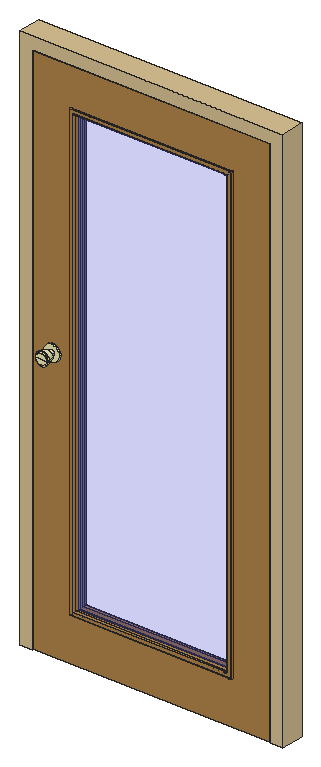
Revit family "5b060bf3885448c998e55718678b123c", category Doors, host Wall, Revit 2025
Family settings
  Host = Wall
  Always vertical = Yes
  Cut with Voids When Loaded = No
  Shared = No
  Room Calculation Point = No
Parameters (values of type "1010x2110mm")
  Wrap Layers (Int) from Ext = 177.5 mm
  Wrap Layers (Ext) from Ext = 102.5 mm
  Visual Light Transmittance = 0.9
  Vis - Ironmongery = yes
  Vis - Cavity Closers = yes
  Type Comments = "External Single"
  Thickness = Door Panel Thickness  # 44.0 mm
  Stile Shutting = 150.0 mm
  Stile - Top Rail = 150.0 mm
  Stile - Hanging = 150.0 mm
  Stile - Bottom Rail = 175.0 mm
  Solar Heat Gain Coefficient = 0.86
  Rough Width = Width  # 1010.0 mm
  Rough Height = Height  # 2110.0 mm
  Operation = "SingleSwingRight"
  O/A Frame Width = 64.0 mm
  Define Thermal Properties by = Schematic Type
  Construction Type Id = "SGL"
  Material Glass = Door - Glazing
  Keynote = "L20"
  Heat Transfer Coefficient (U) = 5.5617 W/(m²·K)
  Handle Z Distance = 1050.0 mm
  Handle Style = Handle Domestic (2) : Handle Domestic (2)
  Glazing Thickness = 24.0 mm
  Glazing Bar Thickness = 20.0 mm
  Function = Exterior
  FrameWidth = 42.0 mm
  FrameOffset - External = 25.0 mm
  FrameDepth = 89.0 mm
  Door Panel Width = Width - (2 * Structural Tolerance) - (2 * Tolerance) - (2 * FrameWidth)  # 907.0 mm
  Handle X Distance = 75.0 mm
  Height = 2110.0 mm
  Material Door = Door - Panel
  Material Frame = Door - Frame/Mullion
  Material Ironmongery = Door - Handle
  Structural Tolerance = 6.5 mm
  Tolerance = 3.0 mm
  Undercut = 4.0 mm
  Wall Closure = By host
  Width = 1010.0 mm
  Door Panel Thickness = 44.0 mm
  Door Panel Height = Height - Undercut - FrameWidth - Structural Tolerance - Tolerance  # 2054.5 mm
  Cavity Closer Width = 50.0 mm
  Cavity Closer Offset from Ext = 102.5 mm
  Cavity Closer Depth = 85.0 mm
  Analytic Construction = "Large single-glazed windows"
Types (3, lengths in mm): name | Rough Width | Door Panel Width | Width
  810x2110mm | 810.0 | 707.0 | 810.0
  1010x2110mm | 1010.0 | 907.0 | 1010.0
  910x2110mm | 910.0 | 807.0 | 910.0
Reference planes
  plane 1: y = 0
  plane 2 "Center L/R": x = 0
  plane 3 "Left": x = -505
  plane 4 "Right": x = 505
  plane 5 "Head Opening": z = 2110
  plane 6 "Exterior": y = 150
  plane 7 "Interior": y = -150
  plane 8 "ST left": x = -498.5
  plane 9 "ST right": x = 498.5
  plane 10 "Int frame left": x = -456.5
  plane 11 "Int frame right": x = 456.5
  plane 12 "Left T": x = -453.5
  plane 13 "RHS Leaf Edge": x = 453.5
  plane 14: z = 2103.5
  plane 15: z = 2061.5
  plane 16: z = 2058.5
  plane 17: y = 83
  plane 18 "Ironmongery Axis X": x = -378.5
  plane 19 "Ironmongery Axis Z": z = 1050
  plane 20 "LHS Leaf Edge": x = -453.5
  plane 21: y = 47.5
  plane 22: y = 80
  plane 23: y = 125
  plane 24: y = 36
  plane 25: z = 4
  plane 26 "Front Cavity Closer": y = 47.5
  plane 27: z = 179
  plane 28: x = -303.5
  plane 29: z = 1908.5
  plane 30: x = 303.5
  plane 31: y = 58
  plane 32: y = -27.5
Forms (mm)
  Sweep 1, solid, material "Door - Frame/Mullion" <- "Material Frame"
    path origin (0, 125, 0) x (1, 0, 0) y (0, 0, 1)
      loop
        line (498.5, 0) -> (498.5, 2103.5) -> (-498.5, 2103.5) -> (-498.5, 0)
    profile origin (0, 0, 1051.75) x (-1, 0, 0) y (0, -1, 0)
      loop
        line (-505, -125) -> (-434.5, -125) -> (-434.5, -83) -> (-456.5, -83) -> (-456.5, -36) -> (-505, -36) -> (-505, -125)
  Extrusion 2, solid, material "Door - Panel" <- "Material Door"
    sketch origin (0, 36, 0) x (1, 0, 0) y (0, 0, 1)
      loop
        line (-454.425, 4) -> (453.5, 4) -> (453.5, 2058.5) -> (-454.425, 2058.5) -> (-454.425, 4)
      loop
        line (303.5, 179) -> (303.5, 1908.5) -> (-303.5, 1908.5) -> (-303.5, 179) -> (303.5, 179)
    from 0 to -44
  Extrusion 3, solid, material "Door - Glazing" <- "Material Glass"
    sketch origin (403.5, 80, 58.5) x (0, 0, -1) y (-1, 0, 0)
      loop
        line (-120.5, 100) -> (-120.5, 707) -> (-1850, 707) -> (-1850, 100) -> (-120.5, 100)
    from -10 to -34
  Sweep 4, solid, material "Door - Panel" <- "Material Door", detail levels medium+fine
    path origin (403.5, 80, 58.5) x (0, 0, -1) y (-1, 0, 0)
      loop
        line (-120.5, 100) -> (-120.5, 707) -> (-1850, 707) -> (-1850, 100) -> (-120.5, 100)
    profile "Glazing Bead : Glazing Bead" origin (-303.5, 80, 1043.75) x (1, 0, 0) y (0, 1, 0)
      loop
        line (0, 0) -> (0, -10) -> (12, -10) -> (12, 1)
        arc (12, 1) -> (10.536, 4.536) -> (7, 6) r 5
        line (7, 6) -> (-6, 6)
        arc (-6, 6) -> (-7.414, 5.414) -> (-8, 4) r 2
        line (-8, 4) -> (-8, 0) -> (0, 0)
  Sweep 5, solid, material "Door - Panel" <- "Material Door", detail levels medium+fine
    path origin (403.5, 36, 58.5) x (0, 0, 1) y (-1, 0, 0)
      loop
        line (120.5, 707) -> (120.5, 100) -> (1850, 100) -> (1850, 707) -> (120.5, 707)
    profile "Glazing Bead : Glazing Bead" origin (-303.5, 36, 1043.75) x (1, 0, 0) y (0, -1, 0)
      loop
        line (0, 0) -> (0, -10) -> (12, -10) -> (12, 1)
        arc (12, 1) -> (10.536, 4.536) -> (7, 6) r 5
        line (7, 6) -> (-6, 6)
        arc (-6, 6) -> (-7.414, 5.414) -> (-8, 4) r 2
        line (-8, 4) -> (-8, 0) -> (0, 0)
Lines and regions (mm)
  Opening 1
    outline origin (-5000, -150, 0) x (1, 0, 0) y (0, 0, 1)
      loop
        line (5505, 2110) -> (4495, 2110) -> (4495, 0) -> (5505, 0) -> (5505, 2110)
  Masking region 1, detail levels medium+fine
    outline origin (0, 0, 0) x (1, 0, 0) y (0, 1, 0)
      loop
        line (409.5, 36) -> (409.5, -871) -> (453.5, -871) -> (453.5, 36) -> (409.5, 36)
  symbolic lines, style "DoorsPanelProjection", detail levels medium+fine
    curve 1: line (453.5, 36, 0) -> (409.5, 36, 0)
    curve 3: line (409.5, -871, 0) -> (453.5, -871, 0)
    curve 4: line (409.5, 36, 0) -> (409.5, -871, 0)
  symbolic lines, style "DoorsPanelProjection"
    curve 2: line (453.5, -871, 0) -> (453.5, 36, 0)
  symbolic lines, style "Plan Swing"
    curve 5: arc (453.5, -871, 0) -> (-187.846, -605.346, 0) -> (-453.5, 36, 0) r 907
  symbolic lines, style "Cavity Closer", visible <- "Vis - Cavity Closers", detail levels medium+fine
    curve 6: line (-555, -37.5, 0) -> (-505, -37.5, 0)
    curve 7: line (-555, 47.5, 0) -> (-555, -37.5, 0)
    curve 8: line (-505, 47.5, 0) -> (-555, 47.5, 0)
    curve 9: line (-505, -37.5, 0) -> (-505, 47.5, 0)
    curve 10: line (505, -37.5, 0) -> (555, -37.5, 0)
    curve 11: line (505, 47.5, 0) -> (505, -37.5, 0)
    curve 12: line (555, 47.5, 0) -> (505, 47.5, 0)
    curve 13: line (555, -37.5, 0) -> (555, 47.5, 0)
    curve 14: line (-555, -37.5, 0) -> (-505, 47.5, 0)
    curve 15: line (-555, 47.5, 0) -> (-505, -37.5, 0)
    curve 16: line (505, -37.5, 0) -> (555, 47.5, 0)
    curve 17: line (505, 47.5, 0) -> (555, -37.5, 0)
  symbolic lines, style "DoorsFrameMullionProjection", detail levels coarse
    curve 18: line (0, 125, 2110) -> (0, 125, 0)
    curve 19: line (0, 36, 0) -> (0, 36, 2110)
    curve 20: line (0, 125, 2039.5) -> (0, 83, 2039.5)
    curve 21: line (0, 83, 0) -> (0, 83, 2061.5)
    curve 22: line (0, 83, 2061.5) -> (0, 36, 2061.5)
  symbolic lines, style "DoorsPanelProjection", detail levels coarse
    curve 23: line (0, 80, 2058.5) -> (0, 80, 4)
    curve 24: line (0, 36, 2058.5) -> (0, 80, 2058.5)
    curve 25: line (0, 80, 4) -> (0, 36, 4)
  symbolic lines, style "Elevation Swing", detail levels coarse
    curve 26: line (-454.425, 150, 4) -> (453.5, 150, 1055)
    curve 27: line (453.5, 150, 1055) -> (-456.5, 150, 2061.5)
Text (mm)
  text "Exterior" at (-1796.445, 976.134, 0), in view "Ref. Level"
  text "Exterior" at (0, 1615.38, 2893.938), in view "Left"
  text "Exterior" at (0, 1036.032, 3874.932), in view "Right"
Dimensions and locks
  equal spacing: plane 3 "Left", plane 2 "Center L/R", plane 4 "Right"
  "Width": plane 3 "Left" to plane 4 "Right"
  locked: plane 6 "Exterior" to host wall
  locked: plane 7 "Interior" to host wall
  "Structural Tolerance": plane 3 "Left" to plane 8 "ST left"
  "Structural Tolerance": plane 9 "ST right" to plane 4 "Right"
  "Tolerance": plane 13 "RHS Leaf Edge" to plane 11 "Int frame right"
  "Structural Tolerance": plane 5 "Head Opening" to plane 14
  "Tolerance": plane 15 to plane 16
  "Door Panel Thickness": plane 24 to plane 22
  "Handle X Distance": plane 12 "Left T" to plane 18 "Ironmongery Axis X"
  "Tolerance": plane 10 "Int frame left" to plane 20 "LHS Leaf Edge"
  "Door Panel Width": plane 12 "Left T" to plane 13 "RHS Leaf Edge"
  "Tolerance": plane 22 to plane 17
  "FrameDepth": plane 24 to plane 23
  "FrameWidth": plane 8 "ST left" to plane 10 "Int frame left"
  "FrameWidth": plane 11 "Int frame right" to plane 9 "ST right"
  "Door Panel Thickness": curve 4 to plane 13 "RHS Leaf Edge"
  "O/A Frame Width": Sweep 1 sketch curve to plane 9 "ST right"
  "Door Panel Width": curve 3 to plane 24
  "FrameOffset - External": plane 23 to plane 6 "Exterior"
  "FrameWidth": plane 14 to plane 15
  "Handle Z Distance": level to plane 19 "Ironmongery Axis Z"
  "Cavity Closer Offset from Ext": plane 26 "Front Cavity Closer" to plane 6 "Exterior"
  "Cavity Closer Depth": curve 6 to plane 26 "Front Cavity Closer"
  "Cavity Closer Depth": curve 10 to plane 26 "Front Cavity Closer"
  "Cavity Closer Width": curve 7 to plane 3 "Left"
  "Cavity Closer Width": plane 4 "Right" to curve 13
  "Cavity Closer Offset from Ext": nested 2 to plane 6 "Exterior"
  "Stile - Hanging": plane 30 to plane 13 "RHS Leaf Edge"
  "Stile Shutting": plane 20 "LHS Leaf Edge" to plane 28
  "Stile - Bottom Rail": plane 25 to plane 27
  "Stile - Top Rail": plane 29 to plane 16
  "Glazing Thickness": Extrusion 3 to Extrusion 3
  "Height": level to plane 5 "Head Opening"
  Extrusion 3 to Extrusion 3 = 24.0 mm
  equal spacing: level, curve 27, plane 5 "Head Opening"
  equal spacing: plane 24, plane 31, plane 22
  "Wrap Layers (Ext) from Ext": plane 21 to plane 6 "Exterior"
  "Undercut": level to plane 25
  "Wrap Layers (Int) from Ext": plane 32 to plane 6 "Exterior"
  aligned and locked: plane 1 to host wall
  aligned and locked: plane 9 "ST right" to Sweep 1 sketch curve
  aligned and locked: plane 14 to Sweep 1 sketch curve
  aligned and locked: profile plane to plane 9 "ST right"
  aligned and locked: Sweep 1 sketch curve to plane 4 "Right"
  aligned and locked: Sweep 1 sketch curve to plane 17
  aligned and locked: plane 11 "Int frame right" to Sweep 1 sketch curve
  aligned and locked: plane 24 to Sweep 1 sketch curve
  aligned and locked: Sweep 1 sketch curve to plane 23
  aligned and locked: plane 16 to Extrusion 2 sketch curve
  aligned and locked: Extrusion 2 to plane 22
  aligned and locked: curve 1 to plane 24
  aligned and locked: plane 25 to Extrusion 2
  aligned and locked: plane 3 "Left" to nested 1
  aligned and locked: plane 26 "Front Cavity Closer" to nested 1
  aligned and locked: nested 2 to plane 4 "Right"
  aligned and locked: plane 26 "Front Cavity Closer" to nested 2
  aligned and locked: plane 27 to Extrusion 2 sketch curve
  aligned and locked: plane 27 to Extrusion 3 sketch curve
  aligned and locked: Sweep 5 sketch curve to plane 27
  aligned and locked: plane 27 to Sweep 4 sketch curve
  aligned and locked: plane 22 to nested 3
  aligned and locked: plane 24 to nested 4
  aligned and locked: Masking region 1 sketch curve to curve 4
  aligned and locked: Masking region 1 sketch curve to curve 2
  aligned and locked: Masking region 1 sketch curve to curve 3
  aligned and locked: Masking region 1 sketch curve to curve 1
  aligned and locked: plane 29 to Extrusion 2 sketch curve
  aligned and locked: plane 18 "Ironmongery Axis X" to nested 4
  aligned and locked: nested 3 to plane 18 "Ironmongery Axis X"
Automatic sketch dimensions
  Sweep 1 sketch curve to plane 8 "ST left" = 0.0 mm
  curve 7 to plane 26 "Front Cavity Closer" = 0.0 mm
  curve 14 to plane 3 "Left" = 0.0 mm
  curve 5 to plane 12 "Left T" = 0.0 mm
  curve 17 to plane 4 "Right" = 0.0 mm
  curve 17 to plane 26 "Front Cavity Closer" = 0.0 mm
  Extrusion 2 sketch curve to plane 25 = 0.0 mm
  Extrusion 2 sketch curve to plane 28 = 0.0 mm
  Extrusion 2 sketch curve to plane 30 = 0.0 mm
  Extrusion 2 sketch curve to plane 13 "RHS Leaf Edge" = 0.0 mm
  plane 12 "Left T" to Extrusion 2 sketch curve = 0.925 mm
  Extrusion 3 sketch curve to plane 29 = 0.0 mm
  Extrusion 3 sketch curve to plane 30 = 0.0 mm
  Extrusion 3 sketch curve to plane 28 = 0.0 mm
  Sweep 4 sketch curve to plane 29 = 0.0 mm
  Sweep 4 sketch curve to plane 30 = 0.0 mm
  Sweep 4 sketch curve to plane 28 = 0.0 mm
  Sweep 5 sketch curve to plane 30 = 0.0 mm
  Sweep 5 sketch curve to plane 28 = 0.0 mm
  Sweep 5 sketch curve to plane 29 = 0.0 mm
  curve 18 to plane 5 "Head Opening" = 0.0 mm
  curve 19 to plane 5 "Head Opening" = 0.0 mm
  curve 24 to plane 16 = 0.0 mm
  curve 24 to plane 24 = 0.0 mm
  curve 25 to plane 22 = 0.0 mm
  curve 21 to plane 17 = 0.0 mm
  curve 18 to plane 23 = 0.0 mm
  curve 23 to plane 25 = 0.0 mm
  curve 22 to plane 15 = 0.0 mm
  plane 16 to curve 20 = 19.0 mm
  curve 18 to level = 0.0 mm
  curve 19 to level = 0.0 mm
  curve 21 to level = 0.0 mm
  Sweep 1 sketch curve to level = 0.0 mm  (x2)
  curve 27 to plane 10 "Int frame left" = 0.0 mm
  curve 26 to plane 25 = 0.0 mm
  curve 27 to plane 13 "RHS Leaf Edge" = 0.0 mm
  curve 27 to plane 15 = 0.0 mm
  plane 12 "Left T" to curve 26 = 0.925 mm
  Opening 1 sketch curve to plane 3 "Left" = 0.0 mm
  Opening 1 sketch curve to level = 0.0 mm
  Opening 1 sketch curve to plane 4 "Right" = 0.0 mm
  Opening 1 sketch curve to plane 5 "Head Opening" = 0.0 mm
  curve 2 to plane 13 "RHS Leaf Edge" = 0.0 mm
Nested families
  nested 1: "Cavity Closer" at (-555, 47.5, 0), visible <- "Vis - Cavity Closers", type "Cavity Closer", detail levels medium+fine
    with Closer Depth 85.0 mm
  nested 2: "Cavity Closer" at (505, 47.5, 0), visible <- "Vis - Cavity Closers", type "Cavity Closer", detail levels medium+fine
    with Closer Depth 85.0 mm
  nested 3: "Handle Domestic (2)" at (-453.5, 80, 0), visible <- "Vis - Ironmongery", type <- "Handle Style", type "Handle Domestic (2)", detail levels medium+fine
    with Handle Z Distance 1050.0 mm, Handle X Distance 75.0 mm
  nested 4: "Handle Domestic (2)" at (-453.5, 36, 0), visible <- "Vis - Ironmongery", type <- "Handle Style", type "Handle Domestic (2)", detail levels medium+fine
    with Handle Z Distance 1050.0 mm, Handle X Distance 75.0 mm
Definition of nested family "Handle Domestic (2)"
  Parameters
    Manufacturer = "Revit"
    Material Ironmongery = none
    Handle Z Distance = 0.0 mm
    Handle X Distance = 65.0 mm
  Reference planes
    plane 1 "Center (Front/Back)": y = 0
    plane 2: z = 0
    plane 3 "Center (Left/Right)": x = 0
    plane 4: z = 0
    plane 5: x = 65
  Forms (mm)
    Extrusion 1, solid, material <- "Material Ironmongery"
      sketch origin (0, 0, 0) x (1, 0, 0) y (0, 0, 1)
        loop
          circle (65, 0) r 30
      from 0 to -6
    Revolve 2, solid, material <- "Material Ironmongery"
      sketch origin (0, 0, 0) x (0, -1, 0) y (1, 0, 0)
        loop
          line (-25, 55) -> (-6, 55) -> (-6, 65) -> (-55, 65) -> (-55, 44.524) -> (-53.172, 40) -> (-49.708, 40) -> (-25, 46.364) -> (-25, 55)
        axis (-6, 65) -> (-55, 65)
      angle from 0 to 360
  Dimensions and locks
    "Handle Z Distance": plane 4 to level
    "Handle X Distance": plane 5 to plane 3 "Center (Left/Right)"
  Automatic sketch dimensions
    Extrusion 1 sketch curve to plane 4 = 0.0 mm
    Extrusion 1 sketch curve to plane 5 = 0.0 mm
    Revolve 2 sketch curve to plane 5 = 0.0 mm  (x2)
    Revolve 2 sketch curve to plane 1 "Center (Front/Back)" = 66.0 mm
    Revolve 2 sketch curve to Revolve 2 sketch curve = 11.0 mm
    Revolve 2 sketch curve to Revolve 2 sketch curve = 1.828 mm
    Revolve 2 sketch curve to Revolve 2 sketch curve = 3.464 mm
    Revolve 2 sketch curve to plane 1 "Center (Front/Back)" = 25.0 mm
    Revolve 2 sketch curve to plane 1 "Center (Front/Back)" = 6.0 mm
    Revolve 2 sketch curve to Revolve 2 sketch curve = 0.0 mm
    Revolve 2 sketch curve to Revolve 2 sketch curve = 10.0 mm
    Revolve 2 sketch curve to Revolve 2 sketch curve = 8.636 mm
    Revolve 2 sketch curve to Revolve 2 sketch curve = 20.476 mm
    Revolve 2 sketch curve to Revolve 2 sketch curve = 4.524 mm
    radius of Extrusion 1 sketch curve = 30.0 mm
Definition of nested family "Cavity Closer"
  Parameters
    Closer Width = 50.0 mm
    Closer Depth = 75.0 mm
  Reference planes
    plane 1 "Center (Front/Back)": y = 0
    plane 2: z = 0
    plane 3 "Center (Left/Right)": x = 0
    plane 4: x = 50, in view "Ref. Level"
    plane 5: y = -75, in view "Ref. Level"
  Lines and regions (mm)
    Masking region 1, in view "Ref. Level"
      outline origin (0, 0, 0) x (1, 0, 0) y (0, 1, 0)
        loop
          line (0, 0) -> (0, -75) -> (50, -75) -> (50, 0) -> (0, 0)
  Dimensions and locks
    "Closer Width": plane 3 "Center (Left/Right)" to plane 4
    "Closer Depth": plane 5 to plane 1 "Center (Front/Back)"
  Automatic sketch dimensions
    Masking region 1 sketch curve to plane 3 "Center (Left/Right)" = 0.0 mm
    Masking region 1 sketch curve to plane 4 = 0.0 mm
    Masking region 1 sketch curve to plane 5 = 0.0 mm
    Masking region 1 sketch curve to plane 1 "Center (Front/Back)" = 0.0 mm
